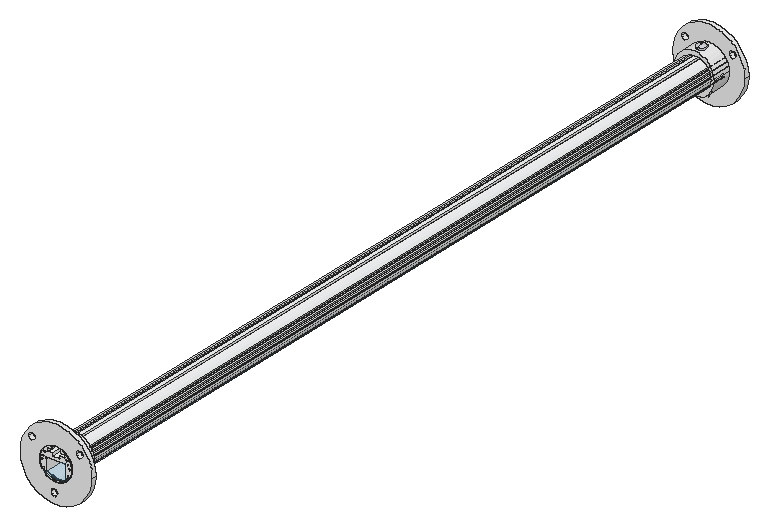
Revit family "A3-ZITO-ROD", category Lighting Fixtures, Revit 2017
Family settings
  Round Connector Dimension = Use Diameter
  Part Type = Normal
  OmniClass Number = 23.80.70.00
  OmniClass Title = Lighting
  Work Plane-Based = No
  Always vertical = Yes
  Cut with Voids When Loaded = No
  Light Source = Yes
  Shared = No
  Room Calculation Point = No
Parameters (values of type "A3-ZITO-ROD")
  Wattage = 9.2903 W
  built-in parameter 1150110 = 1 (stored number, unit not read)
  built-in parameter 1114217 = 1 (stored number, unit not read)
  Tilt Angle = 60.00°
  built-in parameter 1150109 = 1 (stored number, unit not read)
  built-in parameter 1150134 = 3
  built-in parameter 1150113 = 1 (stored number, unit not read)
  Photometric Web File = "generic"
  built-in parameter 1150142 = (empty or 0)
  built-in parameter 1150105 = 109.82 (stored number, unit not read)
  Lumens = 1380 lm
  built-in parameter 1150115 = 1 (stored number, unit not read)
  built-in parameter 1150137 = (empty or 0)
  built-in parameter 1150139 = (empty or 0)
  Length = 24.00"
  built-in parameter 1150112 = 1 (stored number, unit not read)
  built-in parameter 1150114 = 1 (stored number, unit not read)
  built-in parameter 1150132 = (empty or 0)
  built-in parameter 1150102 = (empty or 0)
  built-in parameter 1150107 = 3200 (stored number, unit not read)
  built-in parameter 1150138 = (empty or 0)
  built-in parameter 1150106 = 1.0982 (stored number, unit not read)
  Fixture Cap = Fixture Cap
  Fixture = Fixture
  Emit from Line Length = Length  # 24.00"
  built-in parameter 1150104 = 13.8 (stored number, unit not read)
  Dimming Lamp Color Temperature Shift = <None>
  Color Filter = 16777215
  built-in parameter 1114218 = 1 (stored number, unit not read)
  built-in parameter 1150133 = 10 (stored number, unit not read)
Reference planes (in)
  plane 1 "Light Source Axis (F/B)": y = 0
  plane 2: z = 0
  plane 3 "Light Source Axis (L/R)": x = 0
  plane 4 "Light Source Elevation": z = 76
  plane 5: y = 12
  plane 6: y = -12
  plane 7: y = 11.63
  plane 8: y = -11.58
  plane 9: y = -11.35
  plane 10: y = 11.35
  plane 11: y = -11.88
  plane 12: y = 11.88
Forms (in)
  Extrusion 1, solid, material "Fixture" <- "Fixture"
    sketch origin (-0.45172, 0, -75.06115) x (1, 0, 0) y (0, 0, 1)
      loop
        arc (1.35899, 76.5286) -> (1.35168, 76.54256) -> (1.33604, 76.54449) r 0.01698
        arc (1.33604, 76.54449) -> (1.21977, 76.48057) -> (1.12628, 76.38642) r 0.465
        arc (1.12628, 76.38642) -> (1.12301, 76.36779) -> (1.13599, 76.35404) r 0.02108
        line (1.13599, 76.35404) -> (1.21236, 76.32625) -> (1.19992, 76.29208) -> (1.11084, 76.3245)
        arc (1.11084, 76.3245) -> (1.09386, 76.3242) -> (1.08146, 76.31261) r 0.02367
        arc (1.08146, 76.31261) -> (1.07333, 76.29496) -> (1.06594, 76.27699) r 0.465
        arc (1.06594, 76.27699) -> (1.06642, 76.2616) -> (1.07782, 76.25123) r 0.01975
        line (1.07782, 76.25123) -> (1.17241, 76.21621) -> (1.15998, 76.18263) -> (1.06863, 76.21646)
        arc (1.06863, 76.21646) -> (1.05326, 76.21528) -> (1.04414, 76.20287) r 0.01845
        arc (1.04414, 76.20287) -> (1.04052, 76.18308) -> (1.03775, 76.16315) r 0.465
        arc (1.03775, 76.16315) -> (1.04164, 76.14728) -> (1.05495, 76.13782) r 0.02341
        line (1.05495, 76.13782) -> (1.13588, 76.11614) -> (1.12292, 76.08053) -> (1.03465, 76.1037)
        arc (1.03465, 76.1037) -> (1.04893, 75.99472) -> (1.08839, 75.89215) r 0.465
        line (1.08839, 75.89215) -> (1.17659, 75.94307) -> (1.17659, 75.89545)
        arc (1.17659, 75.89545) -> (1.15888, 75.87236) -> (1.16994, 75.84545) r 0.02917
        line (1.16994, 75.84545) -> (1.23676, 75.84545) -> (1.23676, 76.16053)
        arc (1.23676, 76.16053) -> (1.22004, 76.16342) -> (1.20883, 76.17616) r 0.02552
        arc (1.20883, 76.17616) -> (1.2104, 76.19845) -> (1.22892, 76.21096) r 0.02552
        line (1.22892, 76.21096) -> (1.5044, 76.21096) -> (1.77989, 76.21096)
        arc (1.77989, 76.21096) -> (1.79841, 76.19845) -> (1.79998, 76.17616) r 0.02552
        arc (1.79998, 76.17616) -> (1.78877, 76.16342) -> (1.77205, 76.16053) r 0.02552
        line (1.77205, 76.16053) -> (1.77205, 75.85131) -> (1.83496, 75.85131)
        arc (1.83496, 75.85131) -> (1.84623, 75.87604) -> (1.83222, 75.89932) r 0.02917
        line (1.83222, 75.89932) -> (1.83222, 75.94307) -> (1.91306, 75.8964)
        arc (1.91306, 75.8964) -> (1.95058, 75.99582) -> (1.96455, 76.10117) r 0.465
        line (1.96455, 76.10117) -> (1.88589, 76.08053) -> (1.87206, 76.11852) -> (1.9443, 76.13787)
        arc (1.9443, 76.13787) -> (1.95759, 76.14733) -> (1.96147, 76.16317) r 0.02338
        arc (1.96147, 76.16317) -> (1.95829, 76.18567) -> (1.95401, 76.20798) r 0.465
        arc (1.95401, 76.20798) -> (1.94477, 76.22037) -> (1.92937, 76.22156) r 0.01868
        line (1.92937, 76.22156) -> (1.84544, 76.19101) -> (1.83475, 76.22038) -> (1.92137, 76.2519)
        arc (1.92137, 76.2519) -> (1.93261, 76.26232) -> (1.93304, 76.27765) r 0.01978
        arc (1.93304, 76.27765) -> (1.92628, 76.29409) -> (1.9189, 76.31027) r 0.465
        arc (1.9189, 76.31027) -> (1.90698, 76.3215) -> (1.8906, 76.32181) r 0.02276
        line (1.8906, 76.32181) -> (1.80889, 76.29207) -> (1.79617, 76.32703) -> (1.86989, 76.35386)
        arc (1.86989, 76.35386) -> (1.88029, 76.36477) -> (1.87789, 76.37965) r 0.01695
        arc (1.87789, 76.37965) -> (1.78702, 76.47476) -> (1.67315, 76.54062) r 0.465
        arc (1.67315, 76.54062) -> (1.6573, 76.53893) -> (1.64982, 76.52486) r 0.01699
        line (1.64982, 76.52486) -> (1.64982, 76.46394)
        arc (1.64982, 76.46394) -> (1.65559, 76.44999) -> (1.66954, 76.44422) r 0.01972
        line (1.66954, 76.44422) -> (1.74857, 76.44422) -> (1.74857, 76.37688) -> (1.61857, 76.37688) -> (1.61857, 76.3003) -> (1.39024, 76.3003) -> (1.39024, 76.37688) -> (1.26024, 76.37688) -> (1.26024, 76.44422) -> (1.33927, 76.44422)
        arc (1.33927, 76.44422) -> (1.35322, 76.44999) -> (1.35899, 76.46394) r 0.01972
        line (1.35899, 76.46394) -> (1.35899, 76.5286)
    from -12 to 12
  Extrusion 2, solid, material "Fixture Cap" <- "Fixture Cap"
    sketch origin (-0.45562, -0.17192, -75.401) x (1, 0, 0) y (0, 0, -1)
      loop
        circle (1.5044, -76.44721) r 1.05
      loop
        circle (1.46632, -75.69955) r 0.1
      loop
        circle (0.81213, -76.94226) r 0.1
      loop
        circle (2.21213, -76.94226) r 0.1
      loop
        circle (1.5044, -76.44721) r 0.485
    from 12.17192 to 12.05192
  Extrusion 3, solid, material "Fixture Cap" <- "Fixture Cap"
    sketch origin (-0.45562, -0.53262, -75.39867) x (1, 0, 0) y (0, 0, -1)
      loop
        circle (1.5044, -76.44721) r 0.585
      loop
        circle (1.5044, -76.44721) r 0.465
    from 11.88262 to 12.41262
  Extrusion 4, solid, material "Fixture Cap" <- "Fixture Cap"
    sketch origin (-0.45562, 0.17192, -75.401) x (1, 0, 0) y (0, 0, 1)
      loop
        circle (1.5044, 76.44721) r 1.05
      loop
        circle (1.46632, 75.69955) r 0.1
      loop
        circle (0.81213, 76.94226) r 0.1
      loop
        circle (2.21213, 76.94226) r 0.1
      loop
        circle (1.5044, 76.44721) r 0.485
    from 12.17192 to 12.05192
  Extrusion 5, solid, material "Fixture Cap" <- "Fixture Cap"
    sketch origin (-0.45562, 0.53262, -75.39867) x (1, 0, 0) y (0, 0, 1)
      loop
        circle (1.5044, 76.44721) r 0.465
      loop
        circle (1.50478, 76.44705) r 0.585
    from 11.88262 to 12.41262
  Extrusion 6, solid, material "Glass"
    sketch origin (-0.47741, 0, -75.3063) x (1, 0, 0) y (0, 0, 1)
      loop
        line (1.93841, 76.13965) -> (1.88495, 76.17052)
        arc (1.88495, 76.17052) -> (1.87005, 76.16931) -> (1.8659, 76.15495) r 0.01316
        line (1.8659, 76.15495) -> (1.87854, 76.11719)
        arc (1.87854, 76.11719) -> (1.5311, 75.92987) -> (1.17943, 76.10911) r 0.425
        line (1.17943, 76.10911) -> (1.1938, 76.1528)
        arc (1.1938, 76.1528) -> (1.18928, 76.16822) -> (1.17326, 76.1695) r 0.01417
        line (1.17326, 76.1695) -> (1.11575, 76.13629)
        arc (1.11575, 76.13629) -> (1.52809, 75.88984) -> (1.93841, 76.13965) r 0.465
    from -12 to 12
  Revolve 7, solid
    sketch origin (1.05837, -0.09861, -0.00195) x (0, 1, 0) y (0, 0, 1)
      loop
        line (11.82824, 1.63097) -> (11.82824, 1.66311)
        arc (11.82824, 1.66311) -> (11.7815, 1.68969) -> (11.72861, 1.69937) r 0.16062
        line (11.72861, 1.69937) -> (11.72861, 1.66311) -> (11.69615, 1.66311) -> (11.69615, 1.63097) -> (11.82824, 1.63097)
      axis (11.69615, 1.63097) -> (11.69615, 1.69937)
    angle from 0 to 360
  Revolve 8, solid, not visible
    sketch origin (0, 0.0293, -0.00195) x (0, 1, 0) y (0, 0, 1)
      loop
        line (11.82824, 1.63097) -> (11.82824, 1.66311)
        arc (11.82824, 1.66311) -> (11.7815, 1.68969) -> (11.72861, 1.69937) r 0.16062
        line (11.72861, 1.69937) -> (11.72861, 1.66311) -> (11.69615, 1.66311) -> (11.69615, 1.63097) -> (11.82824, 1.63097)
      axis (11.69615, 1.63097) -> (11.69615, 1.69937)
    angle from 0 to 360
  Revolve 9, solid
    sketch origin (1.05837, -0.08368, 0.00007) x (0, 1, 0) y (0, 0, 1)
      loop
        line (-11.66088, 1.63097) -> (-11.52879, 1.63097) -> (-11.52879, 1.66311) -> (-11.56125, 1.66311) -> (-11.56125, 1.69937)
        arc (-11.56125, 1.69937) -> (-11.61414, 1.68969) -> (-11.66088, 1.66311) r 0.16062
        line (-11.66088, 1.66311) -> (-11.66088, 1.63097)
      axis (-11.52879, 1.63097) -> (-11.52879, 1.69937)
    angle from 0 to 360
Dimensions and locks (in)
  equal spacing: plane 5, plane 1 "Light Source Axis (F/B)", plane 6
  "Length": plane 5 to plane 6
  locked: plane 11 to plane 6 at 0.12
  locked: plane 8 to plane 6 at 0.42
  locked: plane 9 to plane 6 at 0.65
  locked: plane 5 to plane 12 at 0.12
  locked: plane 5 to plane 10 at 0.65
  locked: plane 5 to plane 7 at 0.37
  diameter of Extrusion 4 = 2.10"
  diameter of Extrusion 4 = 0.97"
  aligned and locked: level to plane 2
  aligned and locked: plane 7 to Revolve 7
  aligned and locked: plane 8 to Revolve 9
  aligned and locked: plane 6 to Extrusion 4
  aligned and locked: plane 11 to Extrusion 4
  aligned and locked: Extrusion 5 to plane 11
  aligned and locked: plane 9 to Extrusion 5
  aligned and locked: Extrusion 6 to plane 6
  aligned and locked: Extrusion 1 to plane 6
  aligned and locked: plane 5 to Extrusion 1
  aligned and locked: plane 5 to Extrusion 6
  aligned and locked: Extrusion 2 to plane 5
  aligned and locked: plane 12 to Extrusion 2
  aligned and locked: Extrusion 3 to plane 12
  aligned and locked: Extrusion 3 to plane 10
Automatic sketch dimensions
  Extrusion 2 sketch curve to Extrusion 2 sketch curve = 0.00"  (x2)
  plane 3 "Light Source Axis (L/R)" to Extrusion 2 sketch curve = 0.35651"
  level to Extrusion 2 sketch curve = 0.29855"
  plane 3 "Light Source Axis (L/R)" to Extrusion 2 sketch curve = 1.01069"
  Extrusion 2 sketch curve to Extrusion 2 sketch curve = 0.03809"
  Extrusion 2 sketch curve to Extrusion 2 sketch curve = 0.70773"
  Extrusion 2 sketch curve to Extrusion 2 sketch curve = 0.74765"
  Extrusion 2 sketch curve to Extrusion 2 sketch curve = 0.49505"  (x2)
  Extrusion 3 sketch curve to Extrusion 3 sketch curve = 0.00"  (x2)
  plane 3 "Light Source Axis (L/R)" to Extrusion 3 sketch curve = 1.04878"
  level to Extrusion 3 sketch curve = 1.04854"
  Extrusion 4 sketch curve to Extrusion 4 sketch curve = 0.00"  (x2)
  plane 3 "Light Source Axis (L/R)" to Extrusion 4 sketch curve = 0.35651"
  level to Extrusion 4 sketch curve = 0.29855"
  plane 3 "Light Source Axis (L/R)" to Extrusion 4 sketch curve = 1.01069"
  Extrusion 4 sketch curve to Extrusion 4 sketch curve = 0.03809"
  Extrusion 4 sketch curve to Extrusion 4 sketch curve = 0.70773"
  Extrusion 4 sketch curve to Extrusion 4 sketch curve = 0.74765"
  Extrusion 4 sketch curve to Extrusion 4 sketch curve = 0.49505"  (x2)
  Revolve 7 sketch curve to Revolve 7 sketch curve = 0.03042"
  Revolve 7 sketch curve to Revolve 7 sketch curve = 0.03247"
  Revolve 7 sketch curve to Revolve 7 sketch curve = 0.09963"
  Revolve 7 sketch curve to Revolve 7 sketch curve = 0.09222"
  Revolve 7 sketch curve to Revolve 7 sketch curve = 0.03213"
  Revolve 7 sketch curve to Revolve 7 sketch curve = 0.00"
  Revolve 7 sketch curve to Revolve 7 sketch curve = 0.01607"  (x2)
  Revolve 7 sketch curve to Revolve 7 sketch curve = 0.03036"
  Revolve 8 sketch curve to Revolve 8 sketch curve = 0.03042"
  Revolve 8 sketch curve to Revolve 8 sketch curve = 0.03247"
  Revolve 8 sketch curve to Revolve 8 sketch curve = 0.09963"
  Revolve 8 sketch curve to Revolve 8 sketch curve = 0.09222"
  Revolve 8 sketch curve to Revolve 8 sketch curve = 0.03213"
  Revolve 8 sketch curve to Revolve 8 sketch curve = 0.00"
  Revolve 8 sketch curve to Revolve 8 sketch curve = 0.01607"  (x2)
  Revolve 8 sketch curve to Revolve 8 sketch curve = 0.03036"
  Revolve 9 sketch curve to Revolve 9 sketch curve = 0.03042"
  Revolve 9 sketch curve to Revolve 9 sketch curve = 0.03247"
  Revolve 9 sketch curve to Revolve 9 sketch curve = 0.09963"
  Revolve 9 sketch curve to Revolve 9 sketch curve = 0.09222"
  Revolve 9 sketch curve to Revolve 9 sketch curve = 0.03213"
  Revolve 9 sketch curve to Revolve 9 sketch curve = 0.00"
  Revolve 9 sketch curve to Revolve 9 sketch curve = 0.01607"  (x2)
  Revolve 9 sketch curve to Revolve 9 sketch curve = 0.03036"
  plane 3 "Light Source Axis (L/R)" to Extrusion 5 sketch curve = 1.04878"
  Extrusion 5 sketch curve to Extrusion 5 sketch curve = 0.00038"
  level to Extrusion 5 sketch curve = 1.04839"
  Extrusion 5 sketch curve to Extrusion 5 sketch curve = 0.00015"
  Extrusion 1 sketch curve to Extrusion 1 sketch curve = 0.00"  (x36)
  plane 3 "Light Source Axis (L/R)" to Extrusion 1 sketch curve = 0.58293"
  Extrusion 1 sketch curve to Extrusion 1 sketch curve = 0.0203"
  Extrusion 1 sketch curve to Extrusion 1 sketch curve = 0.00606"
  Extrusion 1 sketch curve to Extrusion 1 sketch curve = 0.00121"
  Extrusion 1 sketch curve to Extrusion 1 sketch curve = 0.00641"
  Extrusion 1 sketch curve to Extrusion 1 sketch curve = 0.00919"
  Extrusion 1 sketch curve to Extrusion 1 sketch curve = 0.00655"
  Extrusion 1 sketch curve to Extrusion 1 sketch curve = 0.05374"
  Extrusion 1 sketch curve to Extrusion 1 sketch curve = 0.01838"
  Extrusion 1 sketch curve to Extrusion 1 sketch curve = 0.00809"
  Extrusion 1 sketch curve to Extrusion 1 sketch curve = 0.06797"
  Extrusion 1 sketch curve to Extrusion 1 sketch curve = 0.01296"
  Extrusion 1 sketch curve to Extrusion 1 sketch curve = 0.02516"  (x2)
  Extrusion 1 sketch curve to Extrusion 1 sketch curve = 0.00721"
  Extrusion 1 sketch curve to Extrusion 1 sketch curve = 0.0241"
  Extrusion 1 sketch curve to Extrusion 1 sketch curve = 0.01243"
  Extrusion 1 sketch curve to Extrusion 1 sketch curve = 0.08155"
  Extrusion 1 sketch curve to Extrusion 1 sketch curve = 0.0882"
  Extrusion 1 sketch curve to Extrusion 1 sketch curve = 0.01121"
  Extrusion 1 sketch curve to Extrusion 1 sketch curve = 0.02751"
  Extrusion 1 sketch curve to Extrusion 1 sketch curve = 0.01244"
  Extrusion 1 sketch curve to Extrusion 1 sketch curve = 0.05651"
  Extrusion 1 sketch curve to Extrusion 1 sketch curve = 0.00358"  (x2)
  Extrusion 1 sketch curve to Extrusion 1 sketch curve = 0.04896"
  Extrusion 1 sketch curve to Extrusion 1 sketch curve = 0.04788"
  Extrusion 1 sketch curve to Extrusion 1 sketch curve = 0.07903"  (x2)
  Extrusion 1 sketch curve to Extrusion 1 sketch curve = 0.00274"
  Extrusion 1 sketch curve to Extrusion 1 sketch curve = 0.01972"  (x2)
  Extrusion 1 sketch curve to Extrusion 1 sketch curve = 0.13"
  Extrusion 1 sketch curve to Extrusion 1 sketch curve = 0.10937"
  Extrusion 1 sketch curve to Extrusion 1 sketch curve = 0.00479"
  Extrusion 1 sketch curve to Extrusion 1 sketch curve = 0.11416"
  Extrusion 1 sketch curve to Extrusion 1 sketch curve = 0.03125"
  Extrusion 1 sketch curve to Extrusion 1 sketch curve = 0.01699"
  Extrusion 1 sketch curve to Extrusion 1 sketch curve = 0.27244"
  Extrusion 1 sketch curve to Extrusion 1 sketch curve = 0.00426"
  Extrusion 1 sketch curve to Extrusion 1 sketch curve = 0.0476"
  level to Extrusion 1 sketch curve = 1.23092"
  Extrusion 1 sketch curve to Extrusion 1 sketch curve = 0.01272"
  Extrusion 1 sketch curve to Extrusion 1 sketch curve = 0.04505"
  Extrusion 1 sketch curve to Extrusion 1 sketch curve = 0.01511"
  Extrusion 1 sketch curve to Extrusion 1 sketch curve = 0.05486"
  Extrusion 1 sketch curve to Extrusion 1 sketch curve = 0.01786"
  level to Extrusion 1 sketch curve = 1.12986"
  Extrusion 1 sketch curve to Extrusion 1 sketch curve = 0.01069"
  Extrusion 1 sketch curve to Extrusion 1 sketch curve = 0.06793"
  Extrusion 1 sketch curve to Extrusion 1 sketch curve = 0.0058"
  Extrusion 1 sketch curve to Extrusion 1 sketch curve = 0.02663"
  Extrusion 1 sketch curve to Extrusion 1 sketch curve = 0.01383"
  Extrusion 1 sketch curve to Extrusion 1 sketch curve = 0.02071"
  Extrusion 1 sketch curve to Extrusion 1 sketch curve = 0.00778"
  level to Extrusion 1 sketch curve = 0.83524"
  Extrusion 1 sketch curve to Extrusion 1 sketch curve = 0.08084"
  Extrusion 1 sketch curve to Extrusion 1 sketch curve = 0.01622"
  level to Extrusion 1 sketch curve = 1.19075"
  Extrusion 1 sketch curve to Extrusion 1 sketch curve = 0.00676"
  level to Extrusion 1 sketch curve = 1.16041"
  Extrusion 1 sketch curve to Extrusion 1 sketch curve = 0.00639"
  Extrusion 1 sketch curve to Extrusion 1 sketch curve = 0.00249"
  level to Extrusion 1 sketch curve = 1.07672"
  Extrusion 1 sketch curve to Extrusion 1 sketch curve = 0.00605"
  level to Extrusion 1 sketch curve = 1.04002"
  Extrusion 1 sketch curve to Extrusion 1 sketch curve = 0.02025"
  Extrusion 1 sketch curve to Extrusion 1 sketch curve = 0.21706"
  Extrusion 1 sketch curve to Extrusion 1 sketch curve = 0.00293"
  Extrusion 1 sketch curve to Extrusion 1 sketch curve = 0.0033"
  Extrusion 1 sketch curve to Extrusion 1 sketch curve = 0.02693"
  Extrusion 1 sketch curve to Extrusion 1 sketch curve = 0.02495"
  Extrusion 1 sketch curve to Extrusion 1 sketch curve = 0.04375"
  Extrusion 1 sketch curve to Extrusion 1 sketch curve = 0.04762"
  Extrusion 1 sketch curve to Extrusion 1 sketch curve = 0.02316"
  Extrusion 1 sketch curve to Extrusion 1 sketch curve = 0.02064"
  Extrusion 1 sketch curve to Extrusion 1 sketch curve = 0.03561"
  Extrusion 1 sketch curve to Extrusion 1 sketch curve = 0.03799"
  Extrusion 1 sketch curve to Extrusion 1 sketch curve = 0.03412"
  Extrusion 1 sketch curve to Extrusion 1 sketch curve = 0.02261"
  Extrusion 1 sketch curve to Extrusion 1 sketch curve = 0.02259"
  Extrusion 1 sketch curve to Extrusion 1 sketch curve = 0.03048"
  Extrusion 1 sketch curve to Extrusion 1 sketch curve = 0.0444"
  Extrusion 1 sketch curve to Extrusion 1 sketch curve = 0.0665"
  Extrusion 1 sketch curve to Extrusion 1 sketch curve = 0.03872"
  Extrusion 1 sketch curve to Extrusion 1 sketch curve = 0.01755"
  Extrusion 1 sketch curve to Extrusion 1 sketch curve = 0.03357"
  Extrusion 1 sketch curve to Extrusion 1 sketch curve = 0.01864"
  Extrusion 1 sketch curve to Extrusion 1 sketch curve = 0.01858"
  Extrusion 1 sketch curve to Extrusion 1 sketch curve = 0.07587"
  Extrusion 1 sketch curve to Extrusion 1 sketch curve = 0.08935"
  Extrusion 1 sketch curve to Extrusion 1 sketch curve = 0.02994"
  Extrusion 1 sketch curve to Extrusion 1 sketch curve = 0.03239"
  Extrusion 1 sketch curve to Extrusion 1 sketch curve = 0.02138"
  Extrusion 1 sketch curve to Extrusion 1 sketch curve = 0.02224"
  Extrusion 1 sketch curve to Extrusion 1 sketch curve = 0.01593"
  Extrusion 1 sketch curve to Extrusion 1 sketch curve = 0.01981"
  Extrusion 1 sketch curve to Extrusion 1 sketch curve = 0.07658"
  Extrusion 1 sketch curve to Extrusion 1 sketch curve = 0.05063"
  Extrusion 1 sketch curve to Extrusion 1 sketch curve = 0.06734"  (x2)
  Extrusion 1 sketch curve to Extrusion 1 sketch curve = 0.06092"
  Extrusion 1 sketch curve to Extrusion 1 sketch curve = 0.06466"
  Extrusion 1 sketch curve to Extrusion 1 sketch curve = 0.02367"  (x2)
  Extrusion 6 sketch curve to Extrusion 6 sketch curve = 0.00"  (x2)
  plane 3 "Light Source Axis (L/R)" to Extrusion 6 sketch curve = 0.63833"
  Extrusion 6 sketch curve to Extrusion 6 sketch curve = 0.05751"
  Extrusion 6 sketch curve to Extrusion 6 sketch curve = 0.00617"
  Extrusion 6 sketch curve to Extrusion 6 sketch curve = 0.00708"
  Extrusion 6 sketch curve to Extrusion 6 sketch curve = 0.01346"
  Extrusion 6 sketch curve to Extrusion 6 sketch curve = 0.33239"
  Extrusion 6 sketch curve to Extrusion 6 sketch curve = 0.3397"
  Extrusion 6 sketch curve to Extrusion 6 sketch curve = 0.01248"
  level to Extrusion 6 sketch curve = 0.81089"
  Extrusion 6 sketch curve to Extrusion 6 sketch curve = 0.01264"
  level to Extrusion 6 sketch curve = 0.86422"
  Extrusion 6 sketch curve to Extrusion 6 sketch curve = 0.00658"
  level to Extrusion 6 sketch curve = 0.83336"
  Extrusion 6 sketch curve to Extrusion 6 sketch curve = 0.05346"
  Extrusion 6 sketch curve to Extrusion 6 sketch curve = 0.00808"
  Extrusion 6 sketch curve to Extrusion 6 sketch curve = 0.04369"
  Extrusion 6 sketch curve to Extrusion 6 sketch curve = 0.01557"
  Extrusion 6 sketch curve to Extrusion 6 sketch curve = 0.00443"
  radius of Extrusion 2 sketch curve = 1.05"
  radius of Extrusion 2 sketch curve = 0.10"  (x3)
  radius of Extrusion 2 sketch curve = 0.485"
  radius of Extrusion 3 sketch curve = 0.585"
  radius of Extrusion 3 sketch curve = 0.465"
  radius of Extrusion 4 sketch curve = 1.05"
  radius of Extrusion 4 sketch curve = 0.10"  (x3)
  radius of Extrusion 4 sketch curve = 0.485"
  radius of Extrusion 5 sketch curve = 0.465"
  radius of Extrusion 5 sketch curve = 0.585"
